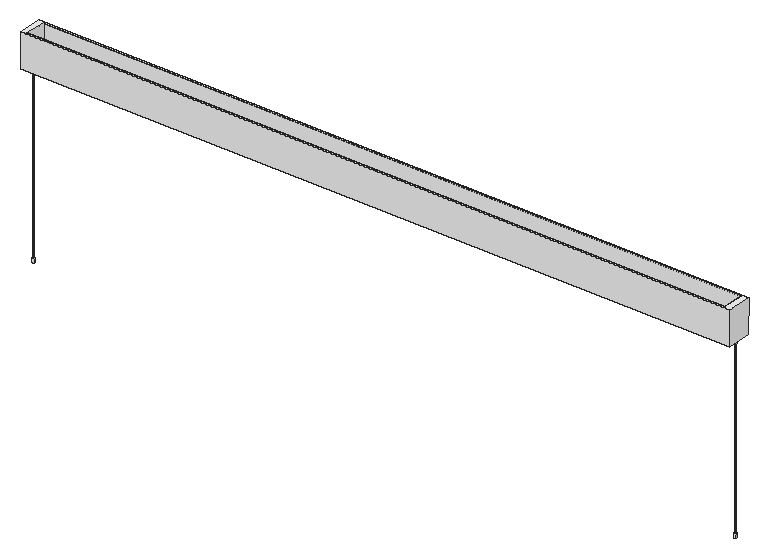
Revit family "MOD 3-P-ID", category Lighting Fixtures, host Face, Revit 2021
Family settings
  Host = Face
  Round Connector Dimension = Use Diameter
  Part Type = Normal
  OmniClass Number = 23.80.70.11.14.17
  OmniClass Title = Direct/Indirect
  Cut with Voids When Loaded = No
  Light Source = Yes
  Shared = Yes
  Room Calculation Point = No
Parameters (values of type "MOD3-P-ID-08")
  Wattage = 2.8 W
  Warranty = "5-Years Warranty"  # constant formula
  built-in parameter 1150110 = 1 (stored number, unit not read)
  Voltage = 120 V
  Type Comments = "Lighting Fixture"  # constant formula
  built-in parameter 1114217 = 1 (stored number, unit not read)
  Tilt Angle = -90.00°
  built-in parameter 1150109 = 1 (stored number, unit not read)
  built-in parameter 1150134 = (empty or 0)
  built-in parameter 1150113 = 1 (stored number, unit not read)
  Product Page URL = ""
  Product Documentation Link = ""
  Power Factor = 1
  Photometric Web File = "3L-P-ID-LPA-4-SOF-X-CX-35K-I030-D030.ies"
  Photometric Notes = "More IES files download on Photometric Link"  # constant formula
  Pendant Height [instance] = 2' - 0"
  zz Length 1 = 8' - 0"
  Wattage Comments = "Variable Intensity technology provides specifiable lumen output/wattage"  # constant formula
  URL = "https://www.currentlighting.com/litecontrol"
  Mounting = "Pendant"  # constant formula
  Model = "MOD 3 LED Pendant Indirect/Direct"  # constant formula
  Manufacturer = "Litecontrol"  # constant formula
  built-in parameter 1150105 = 23.619 (stored number, unit not read)
  Lumens = 296.8 lm
  built-in parameter 1150115 = 1 (stored number, unit not read)
  Load Classification = Lighting
  built-in parameter 1150137 = (empty or 0)
  built-in parameter 1150139 = (empty or 0)
  built-in parameter 1150112 = 1 (stored number, unit not read)
  built-in parameter 1150114 = 1 (stored number, unit not read)
  Lamp = "LED"  # constant formula
  built-in parameter 1150132 = (empty or 0)
  built-in parameter 1150102 = (empty or 0)
  built-in parameter 1150107 = 3500 (stored number, unit not read)
  built-in parameter 1150138 = (empty or 0)
  built-in parameter 1150106 = 0.23619 (stored number, unit not read)
  Glass = Glass -White
  Fixture Distribution = "Indirect/Direct; Indirect/Asymmetric Direct"  # constant formula
  Emit from Rectangle Width = zz Length 1 - 0' 1"  # 7' - 11"
  Emit from Rectangle Length = 0' - 3"  # constant formula
  Emit Shape Visible in Rendering = no
  built-in parameter 1150104 = 9.8477 (stored number, unit not read)
  Downlight Diffuser = "Blade Baffle/Soft Glow Lens/Regressed Diffuse Lens/Asymmetric Diffuser Lens"  # constant formula
  Dimming Lamp Color Temperature Shift = <None>
  Description = "The MODx family is an affordably-priced, full-featured offering with best-in-class attention to detail"  # constant formula
  Default Elevation = 4' - 0"
  Copyright = "Copyright © Litecontrol"  # constant formula
  Contact Us = ""
  Color Filter = 16777215
  built-in parameter 1114218 = 1 (stored number, unit not read)
  Housing Material = Paint - Matte White
  built-in parameter 1150133 = 10 (stored number, unit not read)
  Assembly Code = "D5020200"
  Apparent Load = 0 VA
Types (7): name | zz Length 1 | Emit from Rectangle Width
  (no name) | 8' - 0" | 7' - 11"
  MOD3-P-ID-04 | 4' - 0" | 3' - 11"
  MOD3-P-ID-02 | 2' - 0" | 1' - 11"
  MOD3-P-ID-03 | 3' - 0" | 2' - 11"
  MOD3-P-ID-05 | 5' - 0" | 4' - 11"
  MOD3-P-ID-06 | 6' - 0" | 5' - 11"
  MOD3-P-ID-08 | 8' - 0" | 7' - 11"
Reference planes (in)
  plane 1 "Center (Front/Back)": y = 13.01342
  plane 2: z = 0
  plane 3 "Center (Left/Right)": x = 0
  plane 4: z = 24
  plane 5: x = -48
  plane 6: x = 48
  plane 7: x = -47.5
  plane 8: x = 47.5
  plane 9: z = 0.5
  plane 10: z = 26.75
Forms (in)
  Revolve 1, solid, material "Paint - Matte White" <- "Housing Material"
    sketch origin (-5.75, 13.01342, 0) x (-1, 0, 0) y (0, 0, 1)
      loop
        line (-53.25, 24) -> (-53.25, 0) -> (-53.125, 0) -> (-53.125, 0.5) -> (-53.1875, 0.5) -> (-53.1875, 23.5) -> (-53.125, 23.5) -> (-53.125, 24) -> (-53.25, 24)
      axis (-53.25, 24) -> (-53.25, 0)
    angle from 0 to 360
  Revolve 2, solid, material "Paint - Matte White" <- "Housing Material"
    sketch origin (5.75, 13.01342, 0) x (1, 0, 0) y (0, 0, 1)
      loop
        line (-53.25, 24) -> (-53.25, 0) -> (-53.125, 0) -> (-53.125, 0.5) -> (-53.1875, 0.5) -> (-53.1875, 23.5) -> (-53.125, 23.5) -> (-53.125, 24) -> (-53.25, 24)
      axis (-53.25, 24) -> (-53.25, 0)
    angle from 0 to 360
Dimensions and locks (in)
  "Pendant Height": plane 4 to level
  equal spacing: plane 6, plane 3 "Center (Left/Right)", plane 5
  "zz Length 1": plane 6 to plane 5
  locked: plane 9 to plane 2 at 0.5
  locked: plane 7 to plane 5 at 0.5
  locked: plane 6 to plane 8 at 0.5
  locked: plane 10 to plane 4 at 2.75
  aligned and locked: plane 2 to host face
  aligned and locked: level to host face
  aligned and locked: Revolve 1 sketch curve to Revolve 1 sketch curve
  aligned and locked: Revolve 1 sketch curve to plane 8
  aligned and locked: plane 4 to Revolve 1 sketch curve
  aligned and locked: Revolve 1 sketch curve to level
  aligned and locked: plane 3 "Center (Left/Right)" to nested 1
  aligned and locked: plane 1 "Center (Front/Back)" to nested 1
  aligned and locked: Revolve 2 sketch curve to Revolve 2 sketch curve
  aligned and locked: plane 9 to Revolve 2
  aligned and locked: Revolve 1 to plane 9
  aligned and locked: plane 10 to imposter light
  aligned and locked: plane 3 "Center (Left/Right)" to imposter light
Automatic sketch dimensions
  host sketch curve to host sketch curve = 8' - 0"  (x2)
  Revolve 1 sketch curve to plane 9 = 0' - 0"
  plane 8 to Revolve 1 sketch curve = 0' - 0 1/16"
  plane 8 to Revolve 1 sketch curve = 0' - 0 1/8"
  Revolve 1 sketch curve to Revolve 1 sketch curve = 0' - 0 1/16"
  Revolve 1 sketch curve to plane 9 = 0' - 0.66777"
  Revolve 1 sketch curve to Revolve 1 sketch curve = 0' - 9.83778"
  Revolve 2 sketch curve to plane 7 = 0' - 0"
  plane 9 to Revolve 2 sketch curve = 0' - 0"
  Revolve 2 sketch curve to level = 0' - 0"
  Revolve 2 sketch curve to plane 4 = 0' - 0"
  plane 7 to Revolve 2 sketch curve = 0' - 0 1/16"
  plane 7 to Revolve 2 sketch curve = 0' - 0 1/8"
  Revolve 2 sketch curve to Revolve 2 sketch curve = 0' - 0 1/16"
  plane 9 to Revolve 2 sketch curve = 0' - 0.66777"
  Revolve 2 sketch curve to Revolve 2 sketch curve = 0' - 9.83778"
  plane 4 to Revolve 1 sketch curve = 0' - 0 1/2"
  Revolve 2 sketch curve to plane 4 = 0' - 0 1/2"
Nested families (in)
  nested 1: "3L-P" at (-0.01104, 12.97343, 24), Glass <- "Glass", Backbox <- "Housing Material", Length <- "zz Length 1", type "3L-P"
    with Length 8' - 0", Glass Glass -White, Backbox Paint - Matte White
Connectors (in)
  electrical at (0, 13.01342, 24), driven by "Load Classification", driven by "Voltage", driven by "Apparent Load", driven by "Power Factor"
    settings: on nested 1, index 1, voltage 120 V, apparent load 0 VA, apparent load phase1 0 VA, apparent load phase2 0 VA, apparent load phase3 0 VA, power factor 1, load classification "Lighting", number of poles 1, system type 30, power factor state 1, is connector primary yes, connector utility no, sub classification motor no, connector description "Electrical Connector"
Definition of nested family "3L-P"
  Parameters
    Wattage Comments = ""
    URL = ""
    Model = ""
    Manufacturer = ""
    Length [instance] = 6' - 0"
    Lamp = ""
    Glass [instance] = none
    Description = ""
    Default Elevation = 4' - 0"
    Backbox [instance] = none
  Reference planes (in)
    plane 1 "Center (Front/Back)": y = 0.03999
    plane 2: z = 0
    plane 3 "Center (Left/Right)": x = 0.01104
    plane 4: z = 4.5
    plane 5: z = 0.125
    plane 6: x = -35.98896
    plane 7: x = 36.01104
    plane 8: x = -35.23896
    plane 9: x = 35.26104
    plane 10: y = 1.53999
    plane 11: y = -1.46001
    plane 12: y = -1.55001
    plane 13: y = 1.62999
    plane 14: z = 4.375
  Forms (in)
    Extrusion 1, solid
      sketch origin (0, 0, 0.06357) x (1, 0, 0) y (0, 1, 0)
        loop
          line (-48, 48) -> (-48, -48) -> (48, -48) -> (48, 48) -> (-48, 48)
      from -0.06357 to -12.81105
    Extrusion 2, void
      sketch origin (-23.78896, 8.13374, 2) x (0, -1, 0) y (1, 0, 0)
        loop
          line (6.59375, -11.45) -> (9.59375, -11.45) -> (9.59375, 59.05) -> (6.59375, 59.05) -> (6.59375, -11.45)
      from 2.5 to -2
    Extrusion 3, solid, material <- "Backbox"
      sketch origin (0.01104, 0, 0) x (0, 1, 0) y (0, 0, 1)
        loop
          line (1.62999, 4.5) -> (-1.55001, 4.5) -> (-1.55001, 0) -> (1.62999, 0) -> (1.62999, 4.5)
      from -36 to 36
    Extrusion 4, solid, material <- "Glass"
      sketch origin (0, 0, 4.3125) x (0, -1, 0) y (1, 0, 0)
        loop
          line (-1.53999, -35.23896) -> (1.46001, -35.23896) -> (1.46001, 35.26104) -> (-1.53999, 35.26104) -> (-1.53999, -35.23896)
      from 0.0625 to 0.1875
    Extrusion 5, solid, material <- "Glass"
      sketch origin (0, 0, 0.1875) x (1, 0, 0) y (0, 1, 0)
        loop
          line (-35.23896, 1.53999) -> (-35.23896, -1.46001) -> (35.26104, -1.46001) -> (35.26104, 1.53999) -> (-35.23896, 1.53999)
      from -0.1875 to -0.0625
  Cuts and joins
    Extrusion 2 cuts Extrusion 3
  Dimensions and locks (in)
    "Length": plane 7 to plane 6
    locked: plane 8 to plane 6 at 0.75
    locked: plane 7 to plane 9 at 0.75
    equal spacing: plane 7, plane 3 "Center (Left/Right)", plane 6
    plane 4 to plane 2 = 0' - 4 1/2"
    locked: plane 5 to plane 2 at 0.125
    locked: plane 4 to plane 14 at 0.125
    equal spacing: plane 10, plane 1 "Center (Front/Back)", plane 11, locked at 1.5 each
    locked: plane 13 to plane 10 at 0.09
    locked: plane 11 to plane 12 at 0.09
    aligned and locked: plane 2 to Extrusion 1
    aligned and locked: plane 10 to Extrusion 2 sketch curve
    aligned and locked: plane 11 to Extrusion 2 sketch curve
    aligned and locked: plane 4 to Extrusion 3 sketch curve
    aligned and locked: plane 13 to Extrusion 3 sketch curve
    aligned and locked: Extrusion 3 sketch curve to level
    aligned and locked: plane 12 to Extrusion 3 sketch curve
    aligned and locked: Extrusion 3 to plane 6
    aligned and locked: plane 7 to Extrusion 3
    aligned and locked: plane 9 to Extrusion 2
    aligned and locked: Extrusion 2 to plane 8
    aligned and locked: plane 4 to Extrusion 4
    aligned and locked: plane 4 to Extrusion 2
    aligned and locked: Extrusion 4 to plane 14
    aligned and locked: Extrusion 2 to level
    aligned and locked: Extrusion 5 to level
    aligned and locked: plane 5 to Extrusion 5
  Automatic sketch dimensions
    Extrusion 1 sketch curve to Extrusion 1 sketch curve = 8' - 0"  (x2)
    Extrusion 2 sketch curve to plane 8 = 0' - 0"
    Extrusion 2 sketch curve to plane 9 = 0' - 0"
    Extrusion 4 sketch curve to plane 9 = 0' - 0"
    plane 10 to Extrusion 4 sketch curve = 0' - 0"
    Extrusion 4 sketch curve to plane 8 = 0' - 0"
    Extrusion 4 sketch curve to plane 11 = 0' - 0"
    Extrusion 5 sketch curve to plane 8 = 0' - 0"
    Extrusion 5 sketch curve to plane 9 = 0' - 0"
    Extrusion 5 sketch curve to plane 11 = 0' - 0"
    plane 10 to Extrusion 5 sketch curve = 0' - 0"
